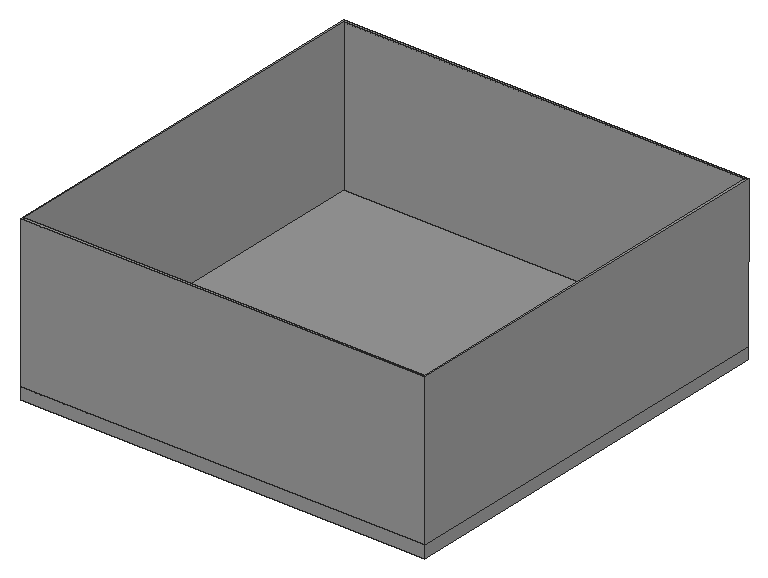
Revit family "DBLTD_TheSenatorGroup_OffcStrg_CrateDivide_Storage&Accessories_US", category Furniture, Revit 2018
Family settings
  Work Plane-Based = No
  Always vertical = Yes
  Cut with Voids When Loaded = No
  Shared = Yes
  Room Calculation Point = No
Parameters (values of type "Steel Planter Tray")
  WarrantyStartDate [instance] = "1900-12-31T23:59:59"
  WarrantyGuarantorParts = "n/a"
  WarrantyGuarantorLabor = "n/a"
  WarrantyDurationUnit = "Years"
  WarrantyDurationParts = "n/a"
  WarrantyDurationLabor = "n/a"
  WarrantyDescription = "Allermuir will repair, or replace (at Allermuir’s sole discretion) with comparable free of charge materials/ components, any product/ component which fails under normal use in a single shift environment, as a result of a defect in the materials and/or workmanship. Exceptions - Non-standard product - 2 years Screen-mounted Accessories/ Dry-wipe Boards - 2 years Electrical and/or electronic componentry - 2 years. Exclusions - Allermuir does not warrant: Failure due to normal “Wear and Tear”. Natural variations in appearance of wood - its grain, figure and colour. Changes in surface appearance resulting from exposure to light, and the natural ageing process of wood. Changes in surface appearance resulting from the misuse of cleaning materials and methods/ damage form sharp objects/ imprinting from writing implements. Natural variations in Leather - its marks, scars and wrinkles. Product stored/ exposed to extreme operational conditions. Consumable components such as Fuses/ Lights/ lamps/ transformers/etc. Other Manufacturer’s product supplied by Allermuir (their own warranty shall apply where possible). Non-standard fabrics/ finishes or veneers used. Allermuir only checks the manufacturing quality of Customer’s Own Material (COM) and provides no warrant"
  Version = "2"  # constant formula
  UnitMaterial [instance] = TheSenatorGroup_Plastic_Olive
  Uniclass2015Version = "Products v1.9"
  Uniclass2015Title = "Office storage units"
  Uniclass2015Code = "Pr_40_30_78_57"
  URL = "https://www.thesenatorgroup.com/"
  Type Comments = "Steel Planter Tray"
  TagNumber [instance] = "n/a"
  SustainabilityPerformance = "Contains up to 50.00% of Recycled Material"
  Style = "n/a"
  Size = "L 16.5\" x  W 16.5\" x  H 6.75\""
  HasBox = no
  Shape = "Rectangular"
  SerialNumber [instance] = "n/a"
  Revision = "n/a"
  ReplacementCost = "n/a"
  ProductInformation = "https://www.thesenatorgroup.com/en/catalog/allermuir/tables-storage/crate-divide"
  OmniClassTitle = "Storage"
  OmniClassCode = "22-12 51 19"
  NominalWidth = 421.894 mm
  NominalLength = 421.894 mm
  NominalHeight = 169.926 mm
  NominalDepth = 421.894 mm
  Name = "OfficeStorage_CrateDivide_Storage&Accessories"
  NBSReference = "45-35-80/360"
  NBSDescription = "Office storage"
  NBSCertification = ""
  ModelReference = "Steel Planter Tray"
  ModelNumber = "CRTSPT"
  Model = "CRTSPT"
  Material = "Available in Ply or MFC. Steel Planter. Back Panel Available in Magnetic Dry Wipe or Fabric Camira Blazer, Synergy."
  ManufacturerURL = "https://www.thesenatorgroup.com/"
  ManufacturerName = "The Senator Group"
  Manufacturer = "The Senator Group"
  MainColor = "n/a"
  Keynote = "Pr_40_30_78_57"
  HasShelf = yes
  HasClosedBox = no
  HasLocker = no
  InstallationDate [instance] = "1900-12-31T23:59:59"
  IfcExportType = "STORAGE"  # constant formula
  IfcExportAs = "IfcFurnitureType"  # constant formula
  HasPlanter = yes
  Grade = "n/a"
  Finish = "Storage available in MFC Black, White and Strata Oak or Ply. Pinnable Back Panel Available in Camira Blazer or Synergy"
  Features = "A cube based modular storage system with a prime function to to act as a room divider. Create spaces using the modular design of Crate. Pre-built components can be connected together in-line or at right angles to create different zones within existing spaces."
  ExpectedLife = "n/a"
  DurationUnit = "year"
  Description = "Steel Planter Tray"
  Cost = 0
  Constituents = "Available in Ply or MFC. Back Panel Available in Magnetic Dry Wipe or Fabric Camira Blazer, Synergy."
  Color = "Defined by Finish Specifed"
  CodePerformance = "n/a"
  HasBoard = no
  Category = "Pr_40_30_78_57:Office storage units"
  CarcassMaterial [instance] = TheSenatorGroup_Plastic_Olive
  BarCode [instance] = "n/a"
  BIMObjectName = "TheSenatorGroup_OfficeStorage_CrateDivide_Storage&Accessories"
  Author = "Diane Butterworth Ltd"  # constant formula
  AssetType = "Movable"
  AssetIdentifier [instance] = "n/a"
  AccessibilityPerformance = "n/a"
Types (12, lengths in mm): name | UnitMaterial | Type Comments | Size | HasBox | NominalWidth | NominalLength | NominalHeight | NominalDepth | ModelReference | ModelNumber | Model | HasShelf | HasClosedBox | HasLocker | HasPlanter | Description | HasBoard | CarcassMaterial
  PlyShelf | TheSenatorGroup_Plywood,_ClearFinish | "Ply Shelf" | "L 16.5\" x  W 16.5\" x  H 0.5\"" | no | 421.894 | 421.894 | 11.938 | 421.894 | "Ply Shelf" | "CRTPS" | "CRTPS" | yes | no | no | no | "Ply Shelf" | no | TheSenatorGroup_Plywood,_ClearFinish
  Ply Open Box | TheSenatorGroup_Plywood,_ClearFinish | "Ply Open Box" | "L 16.5\" x  W 16.5\" x  H 17.75\"" | yes | 421.894 | 421.894 | 451.104 | 421.894 | "Ply Open Box" | "CRTPOB" | "CRTPOB" | yes | no | no | no | "Ply Open Box" | no | TheSenatorGroup_Plywood,_ClearFinish
  MFC Shelf | TheSenatorGroup_Wood_StrataOak | "MFC Shelf" | "L 16.5\" x  W 16.5\" x  H 0.5\"" | yes | 421.894 | 421.894 | 11.938 | 421.894 | "MFC Shelf" | "CRTMS" | "CRTMS" | yes | no | no | no | "MFC Shelf" | no | TheSenatorGroup_Wood_StrataOak
  MFC Open Box | TheSenatorGroup_Wood_StrataOak | "MFC Open Box" | "L 16.5\" x  W 16.5\" x  H 17.75\"" | yes | 421.894 | 421.894 | 451.104 | 421.894 | "MFC Open Box" | "CRTMOB" | "CRTMOB" | yes | no | no | no | "MFC Open Box" | no | TheSenatorGroup_Wood_StrataOak
  Ply Closed Box | TheSenatorGroup_Plywood,_ClearFinish | "Ply Closed Box" | "L 16.5\" x  W 16.5\" x  H 17.75\"" | yes | 421.894 | 421.894 | 451.104 | 421.894 | "Ply Closed Box" | "CRTPCB" | "CRTPCB" | yes | yes | no | no | "Ply Closed Box" | no | TheSenatorGroup_Plywood,_ClearFinish
  MFC Closed Box | TheSenatorGroup_Wood_StrataOak | "MFC Closed Box" | "L 16.5\" x  W 16.5\" x  H 17.75\"" | yes | 421.894 | 421.894 | 451.104 | 421.894 | "MFC Closed Box" | "CRTMCB" | "CRTMCB" | yes | yes | no | no | "MFC Closed Box" | no | TheSenatorGroup_Wood_StrataOak
  Ply Closed Box with Plastic Box | TheSenatorGroup_Plastic_Black | "Ply Closed Box with Plastic Box" | "L 16.5\" x  W 16.5\" x  H 17.75\"" | yes | 421.894 | 421.894 | 451.104 | 421.894 | "Ply Closed Box with Plastic Box" | "CRTPBPB" | "CRTPBPB" | yes | yes | no | no | "Ply Closed Box with Plastic Box" | no | TheSenatorGroup_Plywood,_ClearFinish
  Ply Locker | TheSenatorGroup_Plywood,_ClearFinish | "Ply Locker" | "L 17\" x  W 16.5\" x  H 17.75\"" | yes | 421.894 | 421.894 | 451.104 | 439.928 | "Ply Locker" | "CRTPLB" | "CRTPLB" | yes | yes | yes | no | "Ply Locker" | no | TheSenatorGroup_Plywood,_ClearFinish
  MFC Locker | TheSenatorGroup_Wood_StrataOak | "MFC Locker" | "L 17\" x  W 16.5\" x  H 17.75\"" | yes | 421.894 | 421.894 | 451.104 | 439.928 | "MFC Locker" | "CRTMLB" | "CRTMLB" | yes | yes | yes | no | "MFC Locker" | no | TheSenatorGroup_Wood_StrataOak
  Steel Planter Tray | TheSenatorGroup_Plastic_Olive | "Steel Planter Tray" | "L 16.5\" x  W 16.5\" x  H 6.75\"" | no | 421.894 | 421.894 | 169.926 | 421.894 | "Steel Planter Tray" | "CRTSPT" | "CRTSPT" | yes | no | no | yes | "Steel Planter Tray" | no | TheSenatorGroup_Plastic_Olive
  Magnetic Dry Wipe Back Panel | TheSenatorGroup_Metal_White | "Magnetic Dry Wipe Back Panel" | "L 35.5\" x  W 0.75\" x  H 35.5\"" | no | 899.922 | 899.922 | 899.922 | 18.034 | "Magnetic Dry Wipe Back Panel" | "CRTMP" | "CRTMP" | no | no | no | no | "Magnetic Dry Wipe Back Panel" | yes | TheSenatorGroup_Metal_White
  Pinnable Fabric Back Panel | TheSenatorGroup_Fabric_Orange | "Pinnable Fabric Back Panel" | "L 35.5\" x  W 0.75\" x  H 35.5\"" | no | 899.922 | 899.922 | 899.922 | 18.034 | "Pinnable Fabric Back Panel" | "CRTPFP" | "CRTPFP" | no | no | no | no | "Pinnable Fabric Back Panel" | yes | TheSenatorGroup_Fabric_Orange
Reference planes
  plane 1: z = 0
  plane 2 "Center (Left/Right)": x = 0
  plane 3: y = -229
  plane 4: z = 909.93
  plane 5: z = 0
  plane 6: x = -229.03
  plane 7: x = 229.03
  plane 8: x = -450
  plane 9: x = 450
  plane 10: y = -440
  plane 11: y = -18
Forms (mm)
  Extrusion 1, solid, material "TheSenatorGroup_Plastic_Olive" <- "UnitMaterial", visible <- "HasBoard"
    sketch origin (1153.06, 0, 471) x (1, 0, 0) y (0, 0, 1)
      loop
        arc (-1593.06, 877.6) -> (-1600.131, 874.671) -> (-1603.06, 867.6) r 10
        line (-1603.06, 867.6) -> (-1603.06, 41.5)
        arc (-1603.06, 41.5) -> (-1600.131, 34.429) -> (-1593.06, 31.5) r 10
        line (-1593.06, 31.5) -> (-713.06, 31.5)
        arc (-713.06, 31.5) -> (-705.989, 34.429) -> (-703.06, 41.5) r 10
        line (-703.06, 41.5) -> (-703.06, 867.6)
        arc (-703.06, 867.6) -> (-705.989, 874.671) -> (-713.06, 877.6) r 10
        line (-713.06, 877.6) -> (-1593.06, 877.6)
    from -18 to -0.12
  Extrusion 2, solid, material "TheSenatorGroup_Plastic_Olive" <- "UnitMaterial", visible <- "HasBox"
    sketch origin (221.03, 0, 2.05) x (1, 0, 0) y (0, 0, 1)
      loop
        line (-432, 1334.05) -> (-432, 907.88) -> (-10, 907.88) -> (-10, 1334.05) -> (-432, 1334.05)
      loop
        line (-422, 1324.05) -> (-422, 917.88) -> (-20, 917.88) -> (-20, 1324.05) -> (-422, 1324.05)
    from 18 to 422
  Extrusion 3, solid, material "TheSenatorGroup_Plastic_Olive" <- "UnitMaterial", visible <- "HasShelf"
    sketch origin (-2097.963, 0, 897.43) x (-1, 0, 0) y (0, -1, 0)
      loop
        line (-1886.993, 18) -> (-1886.993, 440) -> (-2308.993, 440) -> (-2308.993, 18) -> (-1886.993, 18)
    from 0 to 12.5
  Extrusion 4, solid, material "TheSenatorGroup_Plastic_Olive" <- "UnitMaterial", visible <- "HasBox"
    sketch origin (-2097.963, 0, 1336.1) x (-1, 0, 0) y (0, -1, 0)
      loop
        line (-1886.993, 18) -> (-1886.993, 440) -> (-2308.993, 440) -> (-2308.993, 18) -> (-1886.993, 18)
    from 0 to 12.5
  Extrusion 5, solid, material "TheSenatorGroup_Plastic_Olive" <- "CarcassMaterial", visible <- "HasClosedBox"
    sketch origin (221.03, 0, 0) x (1, 0, 0) y (0, 0, 1)
      loop
        line (-422, 1326.1) -> (-422, 919.93) -> (-20, 919.93) -> (-20, 1326.1) -> (-422, 1326.1)
    from 18 to 28
  Extrusion 6, solid, visible <- "HasLocker"
    sketch origin (0, 0, 0) x (1, 0, 0) y (0, 0, 1)
      loop
        line (-210.97, 1336.1) -> (-210.97, 909.93) -> (211.03, 909.93) -> (211.03, 1336.1) -> (-210.97, 1336.1)
    from 440 to 422
  Extrusion 7, solid, visible <- "HasLocker"
    sketch origin (0, 0, 0) x (1, 0, 0) y (0, 0, 1)
      loop
        circle (-154.96, 1122.43) r 12.5
    from 440 to 444.78
  Extrusion 8, solid, material "TheSenatorGroup_Plastic_Olive" <- "UnitMaterial", visible <- "HasPlanter"
    sketch origin (0, 0, 75) x (-1, 0, 0) y (0, -1, 0)
      loop
        line (210.97, 18) -> (210.97, 440) -> (-211.03, 440) -> (-211.03, 18) -> (210.97, 18)
      loop
        line (208.97, 20) -> (208.97, 438) -> (-209.03, 438) -> (-209.03, 20) -> (208.97, 20)
    from 834.93 to 991.93
Dimensions and locks
  aligned and locked: level to plane 1
